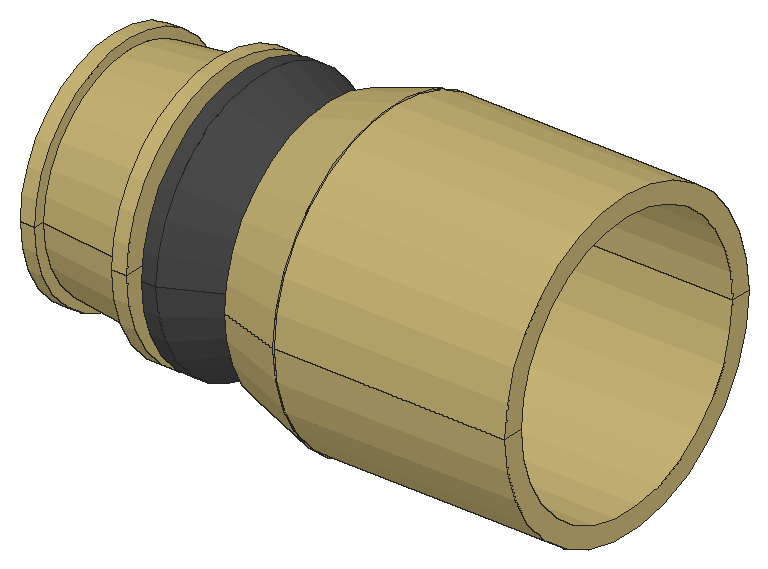
Revit family "RN 84231 Optiflex-Flowpress-Übergang", category Rohrformteile, Revit 2019
Family settings
  Bemaßung runder Anschluss = Durchmesser verwenden
  Teiletyp = Verbindung
  OmniClass-Nummer = 23.60.30.11.14
  OmniClass-Titel = Pipework Fittings
  Arbeitsebenenbasiert = Nein
  Immer vertikal = Ja
  Beim Laden mit Abzugskörper schneiden = Nein
  Gemeinsam genutzt = Nein
Parameters (values of type "Var")
  product_index [instance] = size_lookup(RN_tab, "pi", 0, DN1, DN2)  # 4
  Z [instance] = size_lookup(RN_tab, "Z", 0 mm, DN1, DN2)  # 17 mm
  VdS [instance] = size_lookup(RN_tab, "VdS", 0, DN1, DN2)  # 0
  URL = "https://www.nussbaum.ch/productdetail?v=7612945731012"
  Typenkommentare = "0"
  SW_halbe [instance] = SW / 2  # 15.5 mm
  SW_Winkel [instance] = 120.00°  # constant formula
  SW [instance] = size_lookup(RN_tab, "SW", 0 mm, DN1, DN2)  # 31 mm
  S [instance] = 2 mm  # constant formula
  Rp_Radius [instance] = Rp / 2  # 13.45 mm
  Rp [instance] = size_lookup(RN_tab, "Rp", 0 mm, DN1, DN2)  # 26.9 mm
  RN_tab = "RN_84231"  # constant formula
  RN_VdS [instance] = VdS = 1  # no
  RN_Serie = "Flowpress"  # constant formula
  RN_Rp [instance] = 20 mm
  RN_Produkt_URL = "https://www.nussbaum.ch/productdetail?v=7612945730619"
  RN_NPK [instance] = size_lookup(RN_tab, "NPK", 0, DN1, DN2)  # 346.262
  RN_Mat = Rotguss Flowpress
  RN_Manufactur = "R. Nussbaum AG"  # constant formula
  RN_LOD = "LOD 400"  # constant formula
  RN_EAN [instance] = size_lookup(RN_tab, "EAN", 0, DN1, DN2)  # 612945730619
  RN_Description [instance] = if(product_index = 1, "Flowpress Übergang mit Innengewinde  1/2 x 16", if(product_index = 2, "Flowpress Übergang mit Innengewinde  1/2 x 20", if(product_index = 3, "Flowpress Übergang mit Innengewinde  3/4 x 16", if(product_index = 4, "Flowpress Übergang mit Innengewinde  3/4 x 20", if(product_index = 5, "Flowpress Übergang mit Innengewinde  3/4 x 25", if(product_index = 6, "Flowpress Übergang mit Innengewinde 1 x 25", if(product_index = 7, "Flowpress Übergang mit Innengewinde 1 x 32", if(product_index = 8, "Flowpress Übergang mit Innengewinde 1 1/4 x 32", if(product_index = 9, "Flowpress Übergang mit Innengewinde 1 1/4 x 40", if(product_index = 10, "Flowpress Übergang mit Innengewinde 1 1/4 x 50", if(product_index = 11, "Flowpress Übergang mit Innengewinde 1 1/2 x 50", if(product_index = 12, "Flowpress Übergang mit Innengewinde 2 x 63", "kein Artikel vorhanden"))))))))))))  # "Flowpress Übergang mit Innengewinde  3/4 x 20"
  RN_DN1 [instance] = 15 mm
  RN_Articlenumber [instance] = size_lookup(RN_tab, "ArtNr", 0, DN1, DN2)  # 84231.24
  Modell = "84231.24"
  L [instance] = size_lookup(RN_tab, "L", 0 mm, DN1, DN2)  # 52 mm
  IfcExportType = "CONNECTOR"  # constant formula
  IfcExportAs = "IfcPipeFitting"  # constant formula
  IfcDescription = Beschreibung  # "Übergangsstück"
  Hersteller = RN_Manufactur  # "R. Nussbaum AG"
  DN2 [instance] = if(RN_DN1 > RN_Rp, RN_Rp, RN_DN1)  # 15 mm
  DN1 [instance] = if(RN_DN1 > RN_Rp, RN_DN1, RN_Rp)  # 20 mm
  Beschreibung = "Übergangsstück"
Reference planes
  plane 1 "Mitte (Vorne/Hinten)": y = 0
  plane 2: z = 0
  plane 3: x = 2.5
  plane 4: x = 54.5
  plane 5 "Mitte (Links/Rechts)": x = 28.5
Forms (mm)
  Revolve 1, solid, material "Rotguss Flowpress" <- "RN_Mat", detail levels fine
    sketch origin (0, 0, 0) x (1, 0, 0) y (0, 1, 0)
      loop
        line (33, 13.45) -> (54.5, 13.45) -> (54.5, 15.45) -> (31, 15.45) -> (31, 0) -> (33, 0) -> (33, 13.45)
      axis (54.5, 0) -> (31, 0)
    angle from 0 to 360
  Blend 2, solid, material "Rotguss Flowpress" <- "RN_Mat", detail levels fine
    base sketch origin (24.4, 0, 0) x (0, -1, 0) y (0, 0, -1)
      loop
        circle (0, 0) r 13.45
    top sketch origin (24.4, 0, 0) x (0, -1, 0) y (0, 0, -1)
      loop
        circle (0, 0) r 15.5
    from 0 to 6.6
Lines and regions (mm)
  model lines, detail levels coarse+medium
    curve 1: line (2.5, 0, 0) -> (54.5, 0, 0)
Dimensions and locks
  "L": plane 3 to plane 4
  "Rp_Radius": plane 1 "Mitte (Vorne/Hinten)" to Revolve 1 sketch curve
  "S": Revolve 1 sketch curve to Revolve 1 sketch curve  (x2)
  "Z": nested 1 to Revolve 1 sketch curve
  equal spacing: plane 3, plane 5 "Mitte (Links/Rechts)", plane 4
  "Rp": diameter of Blend 2 sketch curve
  "SW": diameter of Blend 2 sketch curve
  aligned and locked: level to plane 2
  aligned and locked: Revolve 1 sketch curve to plane 1 "Mitte (Vorne/Hinten)"
  aligned and locked: plane 1 "Mitte (Vorne/Hinten)" to curve 1
  aligned and locked: plane 3 to curve 1
  aligned and locked: plane 4 to curve 1
  aligned and locked: Revolve 1 to plane 4
  aligned and locked: plane 3 to nested 1
  aligned and locked: Blend 2 to Revolve 1
Automatic sketch dimensions
  Revolve 1 sketch curve to plane 4 = 0 mm
  plane 1 "Mitte (Vorne/Hinten)" to Revolve 1 sketch curve = 0 mm
  Revolve 1 sketch curve to plane 3 = 1374.64 mm
  plane 4 to Revolve 1 sketch curve = 1437.036 mm
  Blend 2 sketch curve to nested 1 = 0 mm  (x2)
Nested families
  nested 1: "RN_Flowpress" at (17.5, 0, 0) x (-1, 0, 0) z (0, 0, 1), RN_DN1 <- "RN_DN1", type "Var", detail levels fine
    with visible yes, socket_type 1, socket_ring_outer_radius 6 mm, socket_ring_outer_diameter 12 mm, socket_outer_radius 11.2 mm, socket_length 30 mm, s1 1.2 mm, rs1 10 mm, ring_inside_diameter 9.6 mm, con1 yes, RN_DN1 15 mm, built-in parameter 1114238 (empty or 0), Ds1 20 mm, DN1 15 mm
Connectors
  piping at (33, 0, 0), diameter 20, driven by "RN_Rp"
    settings: on Revolve 1, index 1, connector inside diameter 609.6 mm, connector length 0 mm, flow factor 0, pipe flow 0.0 L/s, pressure drop 0.0 Pa, fitting loss kfactor 0, connector angle 0.00°, fixture units 0, engagement length 0 mm, angle of deflection 0.00°, flow configuration 0, flow direction 0, fitting loss method 0, system type 28, joint type 0, gender type 0, connector reference index 2, connector utility 0, adjustable connector no, is connector primary no, connector description ""
  piping at (13, 0, 0), diameter 15, driven by "RN_DN1"
    settings: on nested 1, index 2, connector inside diameter 609.6 mm, connector length 0 mm, flow factor 0, pipe flow 0.0 L/s, pressure drop 0.0 Pa, fitting loss kfactor 0, connector angle 0.00°, fixture units 0, engagement length 0 mm, angle of deflection 0.00°, flow configuration 0, flow direction 0, fitting loss method 0, system type 28, joint type 0, gender type 0, connector reference index 1, connector utility 0, adjustable connector no, is connector primary yes, connector description ""
Definition of nested family "RN_Flowpress"
  Parameters (values of type "Var")
    visible [instance] = yes
    socket_type [instance] = 1
    socket_ring_outer_radius [instance] = rs1 / 2 mm * s1  # 4 mm
    socket_ring_outer_diameter [instance] = socket_ring_outer_radius * 2  # 8 mm
    socket_outer_radius [instance] = rs1 + s1  # 9 mm
    socket_length [instance] = size_lookup(RN_tab, "socket_length", 0 mm, DN1)  # 30 mm
    s1 [instance] = size_lookup(RN_tab, "s1", 0 mm, DN1)  # 1 mm
    rs1 [instance] = Ds1 / 2  # 8 mm
    ring_inside_diameter [instance] = socket_ring_outer_radius * 2 - (2 * s1)  # 6 mm
    URL = ""
    Type Comments = ""
    RN_xMat = none
    RN_tab = "RN_FPsocket"  # constant formula
    RN_Mat = none
    RN_LOD = "LOD 400"  # constant formula
    RN_DN1 [instance] = 12 mm
    Model = ""
    Manufacturer = ""
    built-in parameter 1114238 [instance] = 1 = 0  # (empty or 0)
    Ds1 [instance] = size_lookup(RN_tab, "Ds1", 0 mm, DN1)  # 16 mm
    Description = ""
    DN1 [instance] = RN_DN1  # 12 mm
    con1 [instance] = socket_type = 1  # yes
    Assembly Code = ""
  Reference planes
    plane 1 "Center (Front/Back)": y = 0
    plane 2: z = 0
    plane 3 "Center (Left/Right)": x = 0
    plane 4: x = 15
    plane 5: x = -15
    plane 6: y = 8
    plane 7: y = 6
    plane 8: y = 9
    plane 9: y = 10
    plane 10: x = 3
    plane 11: x = 4.5
    plane 12: x = 13.5
    plane 13: y = 11.5
    plane 14: x = -13.8
    plane 15: x = -6.9
    plane 16: y = 11.5
    plane 17: x = 1.5
    plane 18: x = -8.9
  Forms (mm)
    Revolve 1, solid, material <- "RN_Mat", visible <- "con1", detail levels fine
      sketch origin (0, 0, 0) x (1, 0, 0) y (0, 1, 0)
        loop
          line (3, 8) -> (15, 8) -> (15, 9) -> (15, 10) -> (13.5, 10) -> (13.5, 9) -> (4.5, 10) -> (4.5, 11.5) -> (3, 11.5) -> (3, 8)
        axis (15, 0) -> (3, 0)
      angle from 0 to 360
    Revolve 2, solid, material <- "RN_xMat", visible <- "con1", detail levels fine
      sketch origin (0, 0, 0) x (1, 0, 0) y (0, 1, 0)
        loop
          line (-6.9, 8) -> (-6.9, 6) -> (3, 6) -> (3, 9) -> (1.5, 9) -> (1.5, 11.5) -> (0, 11.5) -> (-6.9, 8)
        axis (3, 0) -> (-6.9, 0)
      angle from 0 to 360
    Revolve 3, solid, material <- "RN_xMat", visible <- "con1", detail levels fine
      sketch origin (0, 0, 0) x (1, 0, 0) y (0, 1, 0)
        loop
          line (-6.9, 8) -> (-8.9, 8) -> (-8.9, 6) -> (-6.9, 6) -> (-6.9, 8)
        axis (-6.9, 0) -> (-8.9, 0)
      angle from 0 to 360
  Dimensions and locks
    equal spacing: plane 5, plane 3 "Center (Left/Right)", plane 4
    "socket_length": plane 5 to plane 4
    "rs1": plane 6 to plane 1 "Center (Front/Back)"
    locked: plane 9 to plane 6 at 2
    equal spacing: plane 9, plane 8, plane 6
    locked: plane 3 "Center (Left/Right)" to plane 10 at 3
    locked: plane 10 to plane 11 at 1.5
    locked: plane 12 to plane 4 at 1.5
    locked: plane 13 to plane 9 at 1.5
    locked: plane 16 to plane 9 at 1.5
    locked: plane 5 to plane 14 at 1.2
    plane 15 to plane 3 "Center (Left/Right)" = 6.9 mm
    locked: plane 3 "Center (Left/Right)" to plane 17 at 1.5
    locked: plane 6 to plane 7 at 2
    equal spacing: plane 14, plane 15, plane 3 "Center (Left/Right)"
    locked: plane 18 to Revolve 2 at 2
    aligned and locked: level to plane 2
    aligned and locked: Revolve 1 sketch curve to plane 6
    aligned and locked: plane 4 to Revolve 1 sketch curve
    aligned and locked: plane 8 to Revolve 1 sketch curve
    aligned and locked: plane 10 to Revolve 1 sketch curve
    aligned and locked: Revolve 1 sketch curve to plane 10
    aligned and locked: plane 13 to Revolve 1 sketch curve
    aligned and locked: Revolve 1 sketch curve to plane 9
    aligned and locked: Revolve 1 sketch curve to plane 4
    aligned and locked: Revolve 1 sketch curve to plane 11
    aligned and locked: Revolve 1 sketch curve to plane 1 "Center (Front/Back)"
    aligned and locked: Revolve 2 sketch curve to plane 16
    aligned and locked: Revolve 2 sketch curve to plane 17
    aligned and locked: Revolve 2 sketch curve to plane 8
    aligned and locked: Revolve 2 sketch curve to plane 10
    aligned and locked: plane 7 to Revolve 2 sketch curve
    aligned and locked: Revolve 2 sketch curve to plane 1 "Center (Front/Back)"
    aligned and locked: plane 15 to Revolve 2 sketch curve
    aligned and locked: Revolve 3 sketch curve to plane 18
    aligned and locked: plane 6 to Revolve 3 sketch curve
    aligned and locked: Revolve 3 sketch curve to plane 7
    aligned and locked: plane 7 to Revolve 3 sketch curve
    aligned and locked: Revolve 3 sketch curve to plane 1 "Center (Front/Back)"
  Automatic sketch dimensions
    Revolve 1 sketch curve to plane 12 = 0 mm
    Revolve 1 sketch curve to plane 8 = 0 mm
    Revolve 1 sketch curve to plane 9 = 0 mm
    Revolve 1 sketch curve to plane 5 = 1985 mm
    plane 4 to Revolve 1 sketch curve = 1985 mm
    Revolve 2 sketch curve to plane 6 = 0 mm
    Revolve 2 sketch curve to plane 3 "Center (Left/Right)" = 0 mm
    Revolve 2 sketch curve to plane 5 = 1985 mm
    plane 4 to Revolve 2 sketch curve = 1985 mm
    Revolve 3 sketch curve to Revolve 3 sketch curve = 2 mm
    Revolve 3 sketch curve to plane 5 = 1985 mm
    plane 4 to Revolve 3 sketch curve = 1985 mm
